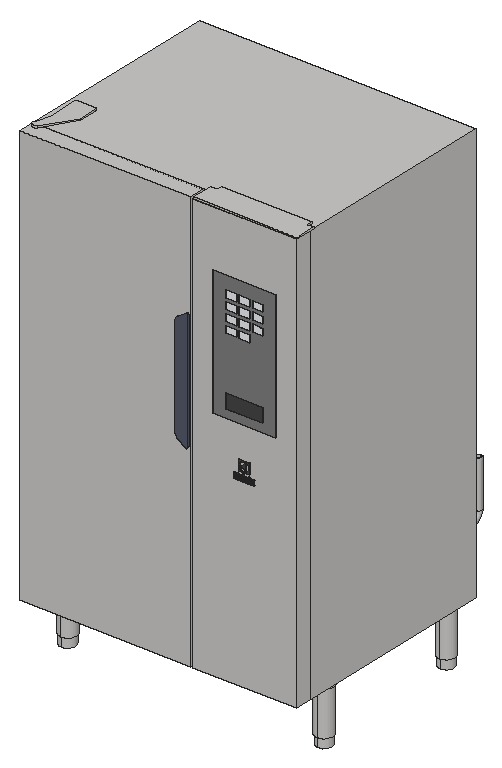
Revit family "QF_ELECTROLUXPROFESSIONAL_725165_EBFA21RECO", category Specialty Equipment, Revit 2018 (continued)
Automatic sketch dimensions
  Extrusion 20 sketch curve to Extrusion 20 sketch curve = 8.877 mm
  Extrusion 20 sketch curve to Extrusion 20 sketch curve = 8.957 mm
  Extrusion 20 sketch curve to Extrusion 20 sketch curve = 19.999 mm
  Extrusion 20 sketch curve to Extrusion 20 sketch curve = 20.0 mm
  Extrusion 20 sketch curve to Extrusion 20 sketch curve = 36.86 mm
  Extrusion 20 sketch curve to Extrusion 20 sketch curve = 1.528 mm
  Extrusion 20 sketch curve to plane 10 "EIz" = 529.772 mm
  Extrusion 20 sketch curve to Extrusion 20 sketch curve = 5.014 mm
  Extrusion 20 sketch curve to Extrusion 20 sketch curve = 19.154 mm
  Extrusion 20 sketch curve to Extrusion 20 sketch curve = 16.666 mm
  Extrusion 20 sketch curve to Extrusion 20 sketch curve = 374.012 mm
  Extrusion 20 sketch curve to Extrusion 20 sketch curve = 24.487 mm
  Extrusion 20 sketch curve to Extrusion 20 sketch curve = 1.611 mm
  Extrusion 20 sketch curve to Extrusion 20 sketch curve = 5.288 mm
  plane 3 "LEFT" to Sweep 21 sketch curve = 946.0 mm
  Sweep 21 sketch curve to profile plane = 0.0 mm
  Sweep 21 sketch curve to Sweep 21 sketch curve = 0.0 mm  (x2)
  plane 13 to Extrusion 14 sketch curve = 54.399 mm
  Sweep 21 sketch curve to plane 1 "BACK" = 0.0 mm
  Sweep 21 sketch curve to plane 10 "EIz" = 7.11 mm
  Sweep 21 sketch curve to Sweep 21 sketch curve = 34.0 mm
  Sweep 21 sketch curve to Sweep 21 sketch curve = 175.0 mm
  plane 20 "RIz" to curve 12 = 0.0 mm
  curve 12 to plane 1 "BACK" = 97.787 mm
  plane 11 "BASE" to curve 12 = 51.36 mm
  plane 20 "RIz" to Sweep 23 sketch curve = 0.0 mm
  plane 11 "BASE" to Sweep 23 sketch curve = 51.36 mm
  Sweep 23 sketch curve to Sweep 23 sketch curve = 0.0 mm  (x2)
  Sweep 23 sketch curve to plane 18 "RIx" = 0.0 mm
  profile plane to Sweep 23 sketch curve = 0.0 mm
  Sweep 23 sketch curve to plane 1 "BACK" = 98.0 mm
  plane 1 "BACK" to Sweep 22 sketch curve = 0.0 mm
  Sweep 22 sketch curve to plane 19 "ROx" = 0.0 mm
  Sweep 22 sketch curve to Sweep 22 sketch curve = 18.0 mm
  Sweep 22 sketch curve to plane 1 "BACK" = 80.0 mm
  Sweep 22 sketch curve to plane 18 "RIx" = 8.0 mm
  Sweep 22 sketch curve to profile plane = 0.0 mm  (x2)
  plane 5 "FRONT" to curve 13 = 0.0 mm
  curve 13 to plane 9 = 0.0 mm
  plane 14 "FeetLeftFront" to curve 13 = 17.811 mm
  curve 13 to plane 5 "FRONT" = 55.236 mm
  plane 14 "FeetLeftFront" to curve 13 = 2.8 mm
  Extrusion 24 sketch curve to Extrusion 24 sketch curve = 0.0 mm  (x2)
  Extrusion 24 sketch curve to plane 21 "DrainX" = 0.0 mm
  Extrusion 24 sketch curve to plane 22 "DrainY" = 0.0 mm
  plane 5 "FRONT" to curve 7 = 0.0 mm
  curve 26 to plane 4 "RIGHT" = 0.0 mm
  plane 1 "BACK" to curve 46 = 0.0 mm
  curve 41 to plane 19 "ROx" = 0.0 mm
  plane 1 "BACK" to curve 47 = 0.0 mm
  curve 43 to plane 18 "RIx" = 0.0 mm
  plane 5 "FRONT" to curve 27 = 0.0 mm
  plane 5 "FRONT" to curve 30 = 0.0 mm
  plane 5 "FRONT" to curve 29 = 0.0 mm
  curve 34 to plane 9 = 0.0 mm
  plane 5 "FRONT" to curve 40 = 0.0 mm
  plane 15 to curve 25 = 15.1 mm
  plane 19 "ROx" to curve 46 = 11.0 mm
  curve 45 to plane 18 "RIx" = 8.0 mm
  plane 21 "DrainX" to curve 23 = 44.1 mm
  curve 23 to curve 22 = 2.0 mm
  plane 21 "DrainX" to curve 27 = 19.6 mm
  plane 21 "DrainX" to curve 29 = 7.655 mm
  curve 14 to plane 13 = 15.8 mm
  curve 14 to plane 16 "FeetLeftBack" = 47.3 mm
  curve 15 to curve 16 = 5.0 mm
  curve 16 to curve 17 = 0.103 mm
  plane 16 "FeetLeftBack" to curve 39 = 2.3 mm
  plane 14 "FeetLeftFront" to curve 34 = 2.8 mm
  plane 14 "FeetLeftFront" to curve 36 = 5.514 mm
  plane 14 "FeetLeftFront" to curve 18 = 11.2 mm
  curve 18 to curve 17 = 0.002 mm
  plane 14 "FeetLeftFront" to curve 20 = 16.2 mm
  plane 3 "LEFT" to curve 21 = 16.8 mm
  plane 3 "LEFT" to curve 35 = 6.986 mm
  plane 3 "LEFT" to curve 20 = 4.967 mm
  curve 33 to plane 3 "LEFT" = 35.0 mm
  curve 45 to plane 1 "BACK" = 94.0 mm
  curve 43 to curve 42 = 4.0 mm
  curve 42 to curve 42 = 8.0 mm
  curve 47 to curve 44 = 27.0 mm
  plane 13 to curve 17 = 59.4 mm
  curve 19 to plane 13 = 56.0 mm
  curve 23 to plane 13 = 77.0 mm
  curve 23 to curve 22 = 17.9 mm
  curve 24 to curve 26 = 19.5 mm
  curve 22 to curve 22 = 2.6 mm
  curve 33 to plane 5 "FRONT" = 71.5 mm
  curve 22 to curve 29 = 17.747 mm
  curve 32 to curve 20 = 10.895 mm
  curve 20 to curve 21 = 6.905 mm
  plane 9 to curve 39 = 25.0 mm
  curve 36 to plane 9 = 13.0 mm
  plane 18 "RIx" to curve 43 = 4.0 mm
  curve 43 to curve 43 = 0.0 mm
  curve 27 to curve 30 = 1.982 mm
  curve 28 to plane 14 "FeetLeftFront" = 0.376 mm
  curve 31 to curve 28 = 0.0 mm
  plane 14 "FeetLeftFront" to curve 14 = 9.044 mm
  curve 14 to curve 21 = 0.0 mm
  curve 32 to plane 3 "LEFT" = 0.15 mm
  plane 5 "FRONT" to curve 39 = 0.271 mm
  radius of Extrusion 9 sketch curve = 10.0 mm
  radius of Extrusion 13 sketch curve = 2.156 mm
  radius of Extrusion 13 sketch curve = 1.368 mm
  radius of Extrusion 13 sketch curve = 1.29 mm
  radius of Extrusion 13 sketch curve = 2.154 mm
  radius of Sweep 21 sketch curve = 11.0 mm
  radius of Sweep 21 sketch curve = 9.5 mm
  radius of Sweep 22 sketch curve = 4.0 mm
  radius of Sweep 23 sketch curve = 4.0 mm
  radius of Sweep 23 sketch curve = 3.0 mm
  radius of Extrusion 24 sketch curve = 13.25 mm
  radius of Extrusion 24 sketch curve = 11.5 mm
Connectors
  electrical at (520, -59, 415)
    settings: on Extrusion 9, index 4, voltage 0 V, apparent load 0 VA, apparent load phase1 0 VA, apparent load phase2 0 VA, apparent load phase3 0 VA, power factor 1, load classification "Other", number of poles 1, system type 30, power factor state 1, is connector primary yes, connector utility no, sub classification motor no, connector description "Electrical connection"
  piping at (946, 65, 597.11), diameter 16
    settings: on Sweep 21, index 5, connector inside diameter 24", connector length 0.0 mm, flow factor 0, pipe flow 0 GPM, pressure drop 0.00 psi, fitting loss kfactor 0, connector angle 0.00°, fixture units 0, engagement length 0.0 mm, angle of deflection 0.00°, flow configuration 1, flow direction 2, fitting loss method 0, system type 8, joint type 0, gender type 0, connector reference index -1, connector utility 0, adjustable connector no, is connector primary yes, connector description "Refrigerant Outlet"
  piping at (730, 34, 261.36), diameter 9.5
    settings: on cut or joined group of Sweep 22, Sweep 23, index 6, connector inside diameter 24", connector length 0.0 mm, flow factor 0, pipe flow 0 GPM, pressure drop 0.00 psi, fitting loss kfactor 0, connector angle 0.00°, fixture units 0, engagement length 0.0 mm, angle of deflection 0.00°, flow configuration 1, flow direction 1, fitting loss method 0, system type 7, joint type 0, gender type 0, connector reference index -1, connector utility 0, adjustable connector no, is connector primary no, connector description "Refrigerant Inlet"
  piping at (633.5, -444, 169.5), diameter 23.4
    settings: on Extrusion 24, index 7, connector inside diameter 24", connector length 0.0 mm, flow factor 0, pipe flow 0 GPM, pressure drop 0.00 psi, fitting loss kfactor 0, connector angle 0.00°, fixture units 0, engagement length 0.0 mm, angle of deflection 0.00°, flow configuration 1, flow direction 1, fitting loss method 0, system type 16, joint type 0, gender type 0, connector reference index -1, connector utility 0, adjustable connector no, is connector primary no, connector description "Drain"
Types (2, lengths in mm): name | Volts | URL Manufacturer | URL | Phase | Model | Manufacturer | Item Number | Description | Cycle
  (no name) | 0 V | "" | "http://professional.electrolux.com/" | 0 | "AOF4011RD" | "Electrolux" | "" | "BLAST CH/FRE ROLL-IN 2x20GN1/1 LW RD-USB" | 0 Hz
  Standard | 380 V | "http://professional.electrolux.com" | "http://professional.electrolux.com" | 3 | "EBFA21RECO" | "Electrolux Professional" | "725165" | "SKYLINE CHILLS BLAST CHILLER FREEZER 100/85KG 20 GN 1/1 - REMOTE REFRIGERATING UNIT CO2+VALVE" | 50 Hz
